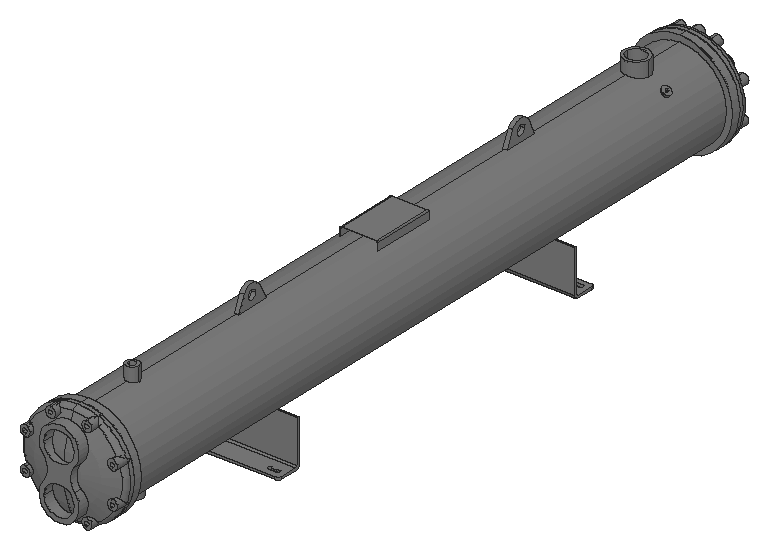
Revit family "MIT-BC_245_4P", category Specialty Equipment, Revit 2022
Family settings
  Round Connector Dimension = Use Radius
  Part Type = Normal
  Work Plane-Based = No
  Always vertical = Yes
  Cut with Voids When Loaded = No
  Maintain Annotation Orientation = No
  Shared = No
  Room Calculation Point = No
Parameters
  URL = "https://en.ekinendustriyel.com/evaporators-and-condensers"
  Test Pressure = 64.35 bar
  Production Standard = "TS EN 13831"
  Operating Pressure = 45.0 bar
  Model = "MIT-BC 245_4P"
  Manufacturer = "Ekin Endüstriyel"
  Keynote = "Condensers"
  Description = "MIT- Condensers"
  Default Elevation = 0 mm
Reference planes
  plane 1 "Center (Front/Back)": y = 0
  plane 2: z = 0
  plane 3 "Center (Left/Right)": x = 0
Forms (mm)
  Extrusion 1, solid, material "Ekin Endustriyel-S235JR", detail levels medium+fine
    sketch origin (0, 0, 0) x (1, 0, 0) y (0, 0, 1)
      loop
        circle (0, 189.55) r 109.55
    from -880 to 880
  Extrusion 2, solid, material "Ekin Endustriyel-S235JR", detail levels fine
    sketch origin (0, 0, 53.995) x (1, 0, 0) y (0, 0, 1)
      loop
        line (-45, 235.88) -> (-44, 235.88) -> (-44, 252.88)
        arc (-44, 252.88) -> (-43.414, 254.294) -> (-42, 254.88) r 2
        line (-42, 254.88) -> (42, 254.88)
        arc (42, 254.88) -> (43.414, 254.294) -> (44, 252.88) r 2
        line (44, 252.88) -> (44, 235.88) -> (45, 235.88) -> (45, 252.88)
        arc (45, 252.88) -> (44.121, 255.002) -> (42, 255.88) r 3
        line (42, 255.88) -> (-42, 255.88)
        arc (-42, 255.88) -> (-44.121, 255.002) -> (-45, 252.88) r 3
        line (-45, 252.88) -> (-45, 235.88)
    from -75 to 75
  Extrusion 3, solid, material "Ekin Endustriyel-S235JR", detail levels fine
    sketch origin (0, 500.19, 28.671) x (1, 0, 0) y (0, 1, 0)
      loop
        circle (0, 249.81) r 29.75
      loop
        circle (0, 249.81) r 23.144
    from 300.429 to 204.31
  Extrusion 4, solid, material "Ekin Endustriyel-S235JR", detail levels fine
    sketch origin (0, -499.666, 25.55) x (1, 0, 0) y (0, 1, 0)
      loop
        circle (0, -250.334) r 15.25
      loop
        circle (0, -250.334) r 8.928
    from 303.756 to 211.07
  Extrusion 5, solid, material "Ekin Endustriyel-S235JR", detail levels fine
    sketch origin (71.72, 749.856, 264.541) x (0, 1, 0) y (-0.707107, 0, 0.707107)
      loop
        circle (0.144, 9.086) r 11
      loop
        circle (0.144, 9.086) r 4.56
    from 9.086 to -32.02
  Extrusion 6, solid, material "Ekin Endustriyel-S235JR", detail levels fine
    sketch origin (0, -500.291, 0) x (1, 0, 0) y (0, 1, 0)
      loop
        circle (0, -249.709) r 23.75
      loop
        circle (0, -249.709) r 20.109
    from 50 to 169.15
  Extrusion 7, solid, material "Ekin Endustriyel-S235JR", detail levels medium+fine
    sketch origin (0, 1180.334, 12.15) x (1, 0, 0) y (0, 0, 1)
      loop
        circle (0, 164.15) r 100
    from 280.334 to 300.334
  Extrusion 8, solid, material "Ekin Endustriyel-S235JR", detail levels medium+fine
    sketch origin (0, 549.666, 12.15) x (1, 0, 0) y (0, 0, -1)
      loop
        circle (0, -177) r 125
    from 330.334 to 350.334
  Revolve 9, solid, material "Ekin Endustriyel-S235JR", detail levels medium+fine
    sketch origin (0, 549.666, 12.15) x (0, -1, 0) y (0, 0, -1)
      loop
        line (-350.334, -301.755) -> (-350.334, -177.003) -> (-403.289, -177.003)
        arc (-403.289, -177.003) -> (-395.664, -237.012) -> (-374.553, -293.699) r 263.464
        arc (-374.553, -293.699) -> (-369.114, -299.581) -> (-361.403, -301.755) r 14.761
        line (-361.403, -301.755) -> (-350.334, -301.755)
      axis (-350.334, -177.003) -> (-403.289, -177.003)
    angle from 0 to 360
  Extrusion 10, solid, material "Ekin Endustriyel-S235JR", detail levels coarse
    sketch origin (0, 0, 12.15) x (1, 0, 0) y (0, 0, 1)
      loop
        circle (0, 177) r 125
    from -957 to 966.924
  Extrusion 11, solid, material "Ekin Endustriyel-S235JR"
    sketch origin (0, 275.334, 0) x (0, 1, 0) y (0, 0, 1)
      loop
        arc (134.666, 9) -> (137.302, 2.636) -> (143.666, 0) r 9
        line (143.666, 0) -> (194.666, 0) -> (194.666, 5) -> (143.666, 5)
        arc (143.666, 5) -> (140.837, 6.172) -> (139.666, 9) r 4
        line (139.666, 9) -> (139.666, 110) -> (134.666, 110) -> (134.666, 9)
    from -125 to 125
  Extrusion 12, void
    sketch origin (0, 470, 5) x (0, -1, 0) y (1, 0, 0)
      loop
        line (25.25, 88.5) -> (25.25, 108.5)
        arc (25.25, 108.5) -> (20, 113.75) -> (14.75, 108.5) r 5.25
        line (14.75, 108.5) -> (14.75, 88.5)
        arc (14.75, 88.5) -> (20, 83.25) -> (25.25, 88.5) r 5.25
      loop
        line (10, 125) -> (-10, 125) -> (-10, -125) -> (10, -125)
        arc (10, -125) -> (2.929, -122.071) -> (0, -115) r 10
        line (0, -115) -> (0, 115)
        arc (0, 115) -> (2.929, 122.071) -> (10, 125) r 10
      loop
        arc (14.75, -108.5) -> (20, -113.75) -> (25.25, -108.5) r 5.25
        line (25.25, -108.5) -> (25.25, -88.5)
        arc (25.25, -88.5) -> (20, -83.25) -> (14.75, -88.5) r 5.25
        line (14.75, -88.5) -> (14.75, -108.5)
    from -5 to 0
  Extrusion 13, solid, material "Ekin Endustriyel-S235JR"
    sketch origin (0, -275.334, 0) x (0, -1, 0) y (0, 0, -1)
      loop
        line (134.666, -9) -> (134.666, -110) -> (139.666, -110) -> (139.666, -9)
        arc (139.666, -9) -> (140.837, -6.172) -> (143.666, -5) r 4
        line (143.666, -5) -> (194.666, -5) -> (194.666, 0) -> (143.666, 0)
        arc (143.666, 0) -> (137.302, -2.636) -> (134.666, -9) r 9
    from -125 to 125
  Extrusion 14, void
    sketch origin (0, -470, 5) x (0, 1, 0) y (-1, 0, 0)
      loop
        arc (25.25, -88.5) -> (20, -83.25) -> (14.75, -88.5) r 5.25
        line (14.75, -88.5) -> (14.75, -108.5)
        arc (14.75, -108.5) -> (20, -113.75) -> (25.25, -108.5) r 5.25
        line (25.25, -108.5) -> (25.25, -88.5)
      loop
        arc (10, -125) -> (2.929, -122.071) -> (0, -115) r 10
        line (0, -115) -> (0, 115)
        arc (0, 115) -> (2.929, 122.071) -> (10, 125) r 10
        line (10, 125) -> (-10, 125) -> (-10, -125) -> (10, -125)
      loop
        line (14.75, 108.5) -> (14.75, 88.5)
        arc (14.75, 88.5) -> (20, 83.25) -> (25.25, 88.5) r 5.25
        line (25.25, 88.5) -> (25.25, 108.5)
        arc (25.25, 108.5) -> (20, 113.75) -> (14.75, 108.5) r 5.25
    from -5 to 0
  Extrusion 15, solid, material "Ekin Endustriyel-S235JR", detail levels medium+fine
    sketch origin (40, -549.666, 12.133) x (1, 0, 0) y (0, 0, 1)
      loop
        circle (-40, 234.5) r 36.3
      loop
        circle (-40, 119.5) r 36.3
      loop
        arc (-3.858, 150.013) -> (-12.768, 177) -> (-3.858, 203.987) r 45.323
        arc (-3.858, 203.987) -> (-40, 281.8) -> (-76.142, 203.987) r 47.3
        arc (-76.142, 203.987) -> (-67.232, 177) -> (-76.142, 150.013) r 45.323
        arc (-76.142, 150.013) -> (-40, 72.2) -> (-3.858, 150.013) r 47.3
    from 390.526 to 417.259
  Extrusion 16, solid, material "Ekin Endustriyel-S235JR", detail levels medium+fine
    sketch origin (0, 550.334, 12.15) x (1, 0, 0) y (0, 0, 1)
      loop
        circle (-43.117, 280.877) r 12
      loop
        circle (-43.117, 280.877) r 5.497
      loop
        circle (0.148, 285.985) r 12.497
      loop
        circle (0.148, 285.985) r 5.497
      loop
        circle (43.117, 280.877) r 12
      loop
        circle (43.117, 280.877) r 5.497
      loop
        circle (104.001, 219.992) r 12
      loop
        circle (104.001, 219.992) r 5.497
      loop
        circle (104.001, 134.055) r 12
      loop
        circle (104.001, 134.055) r 5.497
      loop
        circle (43.282, 73.179) r 12
      loop
        circle (43.282, 73.179) r 5.497
      loop
        circle (-104.001, 219.992) r 12
      loop
        circle (-104.001, 219.992) r 5.497
      loop
        circle (-104.001, 134.055) r 12
      loop
        circle (-104.001, 134.055) r 5.497
      loop
        circle (-43.282, 73.179) r 12
      loop
        circle (-43.282, 73.179) r 5.497
      loop
        circle (0.148, 67.765) r 12.497
      loop
        circle (0.148, 67.765) r 5.497
    from -387.666 to -367.889
  Extrusion 17, solid, material "Ekin Endustriyel-S235JR", detail levels medium+fine
    sketch origin (0, -549.666, 12.133) x (1, 0, 0) y (0, 0, -1)
      loop
        circle (-43.117, -280.877) r 12
      loop
        circle (-43.117, -280.877) r 5.497
      loop
        circle (43.117, -280.877) r 12
      loop
        circle (43.117, -280.877) r 5.497
      loop
        circle (104.001, -219.992) r 12
      loop
        circle (104.001, -219.992) r 5.497
      loop
        circle (104.001, -134.055) r 12
      loop
        circle (104.001, -134.055) r 5.497
      loop
        circle (43.282, -73.179) r 12
      loop
        circle (43.282, -73.179) r 5.497
      loop
        circle (-104.001, -219.992) r 12
      loop
        circle (-104.001, -219.992) r 5.497
      loop
        circle (-104.001, -134.055) r 12
      loop
        circle (-104.001, -134.055) r 5.497
      loop
        circle (-43.282, -73.179) r 12
      loop
        circle (-43.282, -73.179) r 5.497
    from -388.334 to -355.334
  Extrusion 18, solid, material "Ekin Endustriyel-S235JR", detail levels fine
    sketch origin (0, -0.334, 25.265) x (0, -1, 0) y (0, 0, -1)
      loop
        line (-440.334, -273.721) -> (-422.806, -309.676)
        arc (-422.806, -309.676) -> (-400.334, -323.721) -> (-377.863, -309.676) r 25
        line (-377.863, -309.676) -> (-360.334, -273.721) -> (-440.334, -273.721)
      loop
        circle (-400.334, -298.721) r 12.5
      loop
        line (439.666, -273.721) -> (359.666, -273.721) -> (377.194, -309.676)
        arc (377.194, -309.676) -> (399.666, -323.721) -> (422.137, -309.676) r 25
        line (422.137, -309.676) -> (439.666, -273.721)
      loop
        circle (399.666, -298.721) r 12.5
    from -5 to 5
  Extrusion 19, solid, material "Ekin Endustriyel-S235JR", detail levels medium+fine
    sketch origin (-164.15, 550.334, 176.3) x (0, 0, -1) y (1, 0, 0)
      loop
        circle (-60.178, 211.509) r 20
      loop
        circle (34.988, 116.302) r 17
    from -406.666 to -351.666
  Extrusion 20, solid, material "Ekin Endustriyel-S235JR", detail levels medium+fine
    sketch origin (0, -549.666, 12.133) x (1, 0, 0) y (0, 0, 1)
      loop
        circle (0, 177) r 125
    from 330.334 to 350.334
  Revolve 21, solid, material "Ekin Endustriyel-S235JR", detail levels medium+fine
    sketch origin (0, -549.666, 12.133) x (0, 1, 0) y (0, 0, 1)
      loop
        line (-350.334, 301.755) -> (-361.403, 301.755)
        arc (-361.403, 301.755) -> (-369.114, 299.581) -> (-374.553, 293.699) r 14.761
        arc (-374.553, 293.699) -> (-395.664, 237.012) -> (-403.289, 177.003) r 263.464
        line (-403.289, 177.003) -> (-350.334, 177.003) -> (-350.334, 301.755)
      axis (-350.334, 177.003) -> (-403.289, 177.003)
    angle from 0 to 360
Cuts and joins
  Extrusion 12, Extrusion 14 cuts Extrusion 11
  Extrusion 14 cuts Extrusion 13
Dimensions and locks
  aligned and locked: level to plane 2
Connectors
  piping at (0, -966.924, 246.633), diameter 63.6
    settings: on Extrusion 15, index 1, connector inside diameter 609.6 mm, connector length 0 mm, flow factor 0, pipe flow 0.0 L/s, pressure drop 0.0 Pa, fitting loss kfactor 0, connector angle 0.00°, fixture units 0, engagement length 0 mm, angle of deflection 0.00°, flow configuration 0, flow direction 1, fitting loss method 0, system type 7, joint type 0, gender type 0, connector reference index -1, connector utility 0, adjustable connector no, is connector primary yes, connector description ""
  piping at (0, -966.924, 131.633), diameter 63.6
    settings: on Extrusion 15, index 2, connector inside diameter 609.6 mm, connector length 0 mm, flow factor 0, pipe flow 0.0 L/s, pressure drop 0.0 Pa, fitting loss kfactor 0, connector angle 0.00°, fixture units 0, engagement length 0 mm, angle of deflection 0.00°, flow configuration 0, flow direction 2, fitting loss method 0, system type 7, joint type 0, gender type 0, connector reference index -1, connector utility 0, adjustable connector no, is connector primary no, connector description ""
  hvac at (0, 750, 329.1)
    settings: on Extrusion 3, index 3, duct flow 0.0 L/s, flow factor 0, pres drop 0.0 bar, loss coef 0, conn angle 0.00°, conn width 304.8 mm, conn height 304.8 mm, conn diameter 54 mm, duct sys type 3, conn prof type 0, flow config 0, flow direction 0, loss method 0, conn ref index -1, conn util no, is conn primary yes, conn desc ""
  hvac at (0, -750, 50)
    settings: on Extrusion 6, index 4, duct flow 0.0 L/s, flow factor 0, pres drop 0.0 bar, loss coef 0, conn angle 0.00°, conn width 304.8 mm, conn height 304.8 mm, conn diameter 42 mm, duct sys type 3, conn prof type 0, flow config 0, flow direction 0, loss method 0, conn ref index -1, conn util no, is conn primary no, conn desc ""
